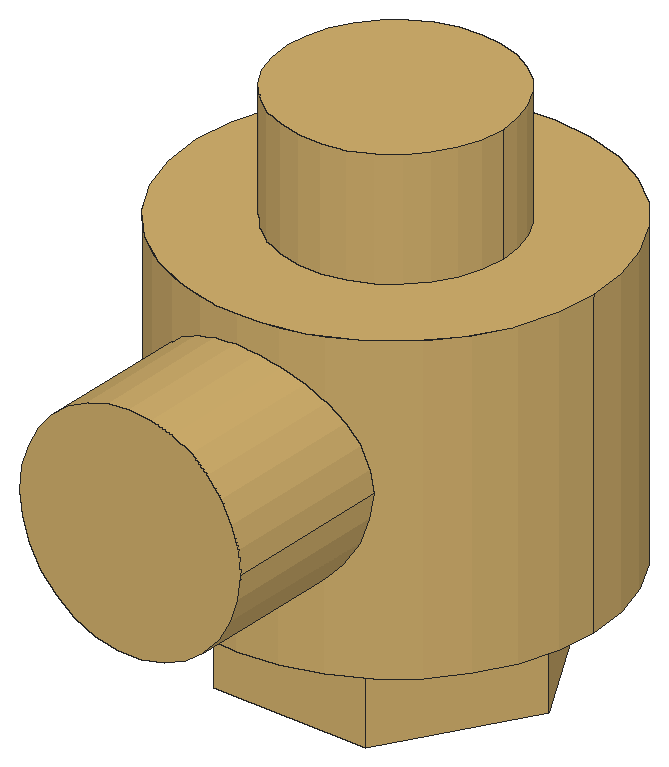
Revit family
Parameters (values of type "Viking - Pneumatic Actuator - H-1")
  Weight = 2.00 lbf
  Viking Part Number = "06459B"
  URL = "http://www.vikinggroupinc.com/databook/deluge/devices/072589.pdf"
  Rev. Date = "12-17-09"
  Model = "H-1"
  Manufacturer = "The Viking Corporation"
  Description = "H-1 Pneumatic Actuator"
  Assembly Code = ""
Reference planes (in)
  plane 1 "Center (Front/Back)": y = 0
  plane 2: z = 0
  plane 3 "Center (Left/Right)": x = 0
  plane 4: z = 0.5
  plane 5: z = 2.214
  plane 6: z = 2.872
  plane 7: z = 1.436
  plane 8: y = -1.88
Forms (in)
  Extrusion 1, solid, material "Brass"
    sketch origin (0, 0, 0) x (1, 0, 0) y (0, 1, 0)
      loop
        circle (0, 0) r 1.125
    from 0.5 to 2.214
  Extrusion 2, solid, material "Brass"
    sketch origin (0, 0, 0) x (1, 0, 0) y (0, 1, 0)
      loop
        circle (0, 0) r 0.61
    from 2.214 to 2.872
  Extrusion 3, solid, material "Brass"
    sketch origin (0, 0, 0) x (1, 0, 0) y (0, 1, 0)
      loop
        line (-0.43301, 0.75) -> (-0.86603, 0) -> (-0.43301, -0.75) -> (0.43301, -0.75) -> (0.86603, 0) -> (0.43301, 0.75) -> (-0.43301, 0.75)
    from 0 to 0.5
  Extrusion 4, solid, material "Brass"
    sketch origin (0, 0, 0) x (1, 0, 0) y (0, 0, 1)
      loop
        circle (0, 1.436) r 0.625
    from 0 to 1.88
Cuts and joins
  joined: Extrusion 1, Extrusion 2, Extrusion 3, Extrusion 4
Dimensions and locks (in)
  locked: plane 4 to plane 2 at 0.5
  locked: plane 5 to plane 4 at 1.714
  locked: plane 6 to plane 5 at 0.658
  equal spacing: plane 6, plane 7, plane 2
  locked: plane 1 "Center (Front/Back)" to plane 8 at 1.88
  aligned and locked: Extrusion 1 to plane 4
  aligned and locked: plane 5 to Extrusion 1
  aligned and locked: plane 8 to Extrusion 4
  aligned and locked: plane 6 to Extrusion 2
  aligned and locked: Extrusion 3 to plane 2
  aligned and locked: Extrusion 3 to Extrusion 1
  aligned and locked: Extrusion 2 to Extrusion 1
Automatic sketch dimensions
  Extrusion 1 sketch curve to plane 1 "Center (Front/Back)" = 0.000"
  Extrusion 1 sketch curve to plane 3 "Center (Left/Right)" = 0.000"
  Extrusion 2 sketch curve to plane 1 "Center (Front/Back)" = 0.000"
  Extrusion 2 sketch curve to plane 3 "Center (Left/Right)" = 0.000"
  Extrusion 3 sketch curve to plane 1 "Center (Front/Back)" = 0.000"  (x2)
  Extrusion 3 sketch curve to plane 3 "Center (Left/Right)" = 0.86603"
  Extrusion 3 sketch curve to plane 3 "Center (Left/Right)" = 0.43301"  (x2)
  plane 3 "Center (Left/Right)" to Extrusion 3 sketch curve = 0.43301"  (x2)
  Extrusion 3 sketch curve to Extrusion 3 sketch curve = 0.43301"
  plane 1 "Center (Front/Back)" to Extrusion 3 sketch curve = 0.750"
  Extrusion 3 sketch curve to plane 1 "Center (Front/Back)" = 0.750"
  Extrusion 4 sketch curve to plane 3 "Center (Left/Right)" = 0.000"
  Extrusion 4 sketch curve to plane 7 = 0.000"
  radius of Extrusion 1 sketch curve = 1.125"
  radius of Extrusion 2 sketch curve = 0.610"
  radius of Extrusion 4 sketch curve = 0.625"
